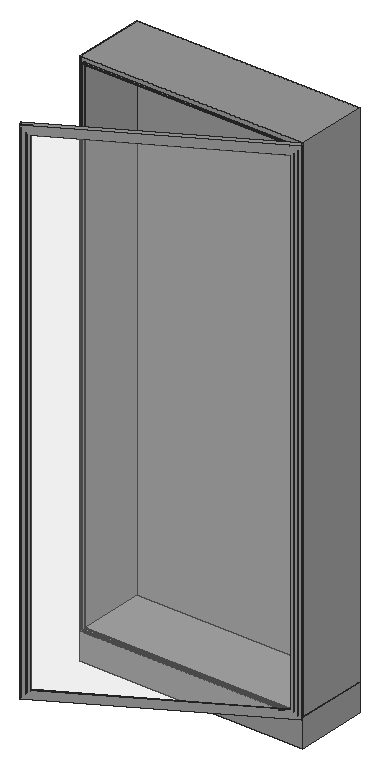
Revit family "Hager-Univers-IP55-D275-H1950-Cl.I-Steel_encl-NoHosted-PL-en", category Equipement électrique, Revit 2020
Family settings
  Configuration du panneau = Deux colonnes, circuits au sein
  Cote de connecteur circulaire = Utiliser le diamètre
  Type d'élément = Tableau de raccordement
  Basée sur le plan de construction = Oui
  Toujours verticalement = Oui
  Couper avec des vides une fois chargée = Non
  Partagée = Non
  Point de calcul de pièce = Non
Parameters (values of type "Floor installation IP55 W800 H1950 D275  - FR23K1")
  Width Control [instance] = if([EF000008 - Width] > Min Width, [EF000008 - Width], Min Width)  # 800 mm
  Commentaires du type = [HG000003 - Range]  # "Univers"
  Thickness Door [instance] = if([EF009171 - Material plate thickness door/cover] > 3 mm, 3 mm, [EF009171 - Material plate thickness door/cover])  # 1.5 mm
  Seal Frame Offset [instance] = 17 mm  # constant formula
  Plinth Visibility [instance] = [HG000027 - Plinth height] > 0 mm  # yes
  Min Width [instance] = 100 mm  # constant formula
  Min Depth [instance] = (2 * [EF009170 - Material plate thickness cabinet]) + 1 mm  # 4 mm
  Min Height [instance] = 100 mm  # constant formula
  Internal Frame Depth [instance] = (Door System Depth * 0.5)  # 9 mm
  Panel Name [instance] = ""  # (empty or 0)
  Model = ""
  HG000027 - Plinth height = 100 mm
  HG000026 - Floor standing = yes
  HG000024 - Bottom section height = 600 mm
  HG000023 - Double section enclosure = no
  HG000016 - Door 3d visibility [instance] = yes
  HG000015 - Clearance visibility [instance] = no
  HG000014 - Door on the right [instance] = yes
  HG000013 - Door on the left [instance] = not([HG000014 - Door on the right])  # no
  HG000012 - Door swing angle [instance] = 30.00°
  HG000010 - Asymmetric doors = no
  HG000009 - Double swing door = no
  HG000006 - Flush mounted = no
  HG000004 - Manufacturer reference = "FR23K1"
  HG000003 - Range = "Univers"
  HG000002 - With door or cover = yes
  Frame Offset Bottom [instance] = 10 mm  # constant formula
  Frame Offset [instance] = 15 mm  # constant formula
  EF015940 - Cover with overpressure release = no
  EF011959 - Degree of protection (NEMA) = ""
  EF009554 - Number of openings for flange plates = 6
  EF009212 - Cover model = "EV000116 - Closed"
  EF009171 - Material plate thickness door/cover = 1.5 mm
  EF009170 - Material plate thickness cabinet = 1.5 mm
  EF008873 - Nominal current (In) = 800 A
  EF007800 - Suitable for lightning protection = no
  EF006306 - With lock = no
  EF006244 - Transparent cover/door = yes
  EF005474 - Degree of protection (IP) = "EV006420 - IP55"
  EF004464 - Type of door = "EV002646 - Single"
  EF004427 - Number of modules = 432
  EF004293 - Impact strength = "EV008784 - IK10"
  EF003532 - Suitable for outdoor use = no
  EF002950 - Width in number of modular spacings = 24
  EF001613 - Circuit integrity = "EV000494 - None"
  EF001596 - Material housing = "EV000179 - Steel"
  EF001131 - Internal depth = 275 mm
  EF001088 - Extension possible = yes
  EF000437 - Number of conduit inlets = 6
  EF000339 - Type of cover = "EV004216 - Door"
  EF000266 - Number of rows = 12
  EF000218 - Built-in depth = 0 mm
  EF000118 - With mounting plate = no
  EF000116 - RAL-number = "7035"
  EF000049 - Depth = 275 mm
  EF000040 - Height = 1950 mm
  EF000008 - Width = 800 mm
  EF000007 - Colour = "EV000270 - Grey"
  EF000003 - Mounting method = "EV012274 - Floor installation"
  Door System Leaf Tolerance [instance] = 1.5 mm  # constant formula
  Door System Depth [instance] = 18 mm  # constant formula
  Door Height [instance] = Height Control - [HG000027 - Plinth height]  # 1850 mm
  Description = ""
  Default Elevation = 1219.2 mm
  Connector Offset [instance] = Height Control / 2  # 975 mm
  Fabricant = "Hager"  # constant formula
  Height Control [instance] = if([EF000040 - Height] > Min Height, [EF000040 - Height], Min Height)  # 1950 mm
  Depth Control [instance] = if([EF000049 - Depth] > Min Depth, [EF000049 - Depth], Min Depth)  # 275 mm
  Bottom Top Plate Trim [instance] = 1.5 mm  # constant formula
  Plinth height Ctrl [instance] = if([HG000027 - Plinth height] > 0 mm, [HG000027 - Plinth height], 12 mm)  # 100 mm
Types (11, lengths in mm): name | Width Control | HG000010 - Asymmetric doors | HG000009 - Double swing door | HG000004 - Manufacturer reference | EF009554 - Number of openings for flange plates | EF006244 - Transparent cover/door | EF004464 - Type of door | EF004427 - Number of modules | EF000437 - Number of conduit inlets | EF000008 - Width
  Floor installation IP55 W1050 H1950 D275  - FR24E1 | 1050 | yes | yes | "FR24E1" | 8 | no | "EV003602 - Double" | 576 | 8 | 1050
  Floor installation IP55 W1050 H1950 D275  - FR24K1 | 1050 | yes | yes | "FR24K1" | 8 | yes | "EV003602 - Double" | 576 | 8 | 1050
  Floor installation IP55 W1300 H1950 D275  - FR25E1 | 1300 | yes | yes | "FR25E1" | 10 | no | "EV003602 - Double" | 720 | 10 | 1300
  Floor installation IP55 W1300 H1950 D275  - FR25K1 | 1300 | yes | yes | "FR25K1" | 10 | yes | "EV003602 - Double" | 720 | 10 | 1300
  Floor installation IP55 W1550 H1950 D275  - FR26E1 | 1550 | yes | yes | "FR26E1" | 12 | no | "EV003602 - Double" | 864 | 12 | 1550
  Floor installation IP55 W1550 H1950 D275  - FR26K1 | 1550 | yes | yes | "FR26K1" | 12 | yes | "EV003602 - Double" | 864 | 12 | 1550
  Floor installation IP55 W300 H1950 D275  - FR21E1 | 300 | no | no | "FR21E1" | 2 | no | "EV002646 - Single" | 144 | 2 | 300
  Floor installation IP55 W550 H1950 D275  - FR22E1 | 550 | no | no | "FR22E1" | 4 | no | "EV002646 - Single" | 288 | 4 | 550
  Floor installation IP55 W550 H1950 D275  - FR22K1 | 550 | no | no | "FR22K1" | 4 | yes | "EV002646 - Single" | 288 | 4 | 550
  Floor installation IP55 W800 H1950 D275  - FR23E1 | 800 | no | no | "FR23E1" | 6 | no | "EV002646 - Single" | 432 | 6 | 800
  Floor installation IP55 W800 H1950 D275  - FR23K1 | 800 | no | no | "FR23K1" | 6 | yes | "EV002646 - Single" | 432 | 6 | 800
Reference planes
  plane 1 "Center (Front/Back)": y = 0
  plane 2: z = 0
  plane 3 "Center (Left/Right)": x = 0
  plane 4: y = 0
  plane 5: y = 0
  plane 6: z = 0
  plane 7: x = -400
  plane 8: x = 400
  plane 9: x = 398.5
  plane 10: x = -398.5
  plane 11: z = 100
  plane 12: z = 101.5
  plane 13: y = -275
  plane 14: y = -1.5
  plane 15: x = 0
  plane 16: y = -257
  plane 17: y = -273.5
  plane 18: y = -255.5
  plane 19: x = -383.5
  plane 20: x = 383.5
  plane 21: z = 111.5
  plane 22: x = -383
  plane 23: x = 383
  plane 24: z = 100
  plane 25: z = 1950
  plane 26: z = 1950
  plane 27: z = 1933.5
  plane 28: z = 1948.5
Forms (mm)
  Extrusion 1, solid, material "Hager_Steel_RAL7035_Light_Grey", detail levels medium+fine
    sketch origin (-208.679, -4572, 100) x (-1, 0, 0) y (0, -1, 0)
      loop
        line (191.321, -4315) -> (-608.679, -4315) -> (-608.679, -4572) -> (191.321, -4572) -> (191.321, -4315)
    from 0 to 1850
  Extrusion 2, void
    sketch origin (-350.771, -275, 1219.2) x (1, 0, 0) y (0, 0, 1)
      loop
        line (-47.729, 729.3) -> (-47.729, -1117.7) -> (749.271, -1117.7) -> (749.271, 729.3) -> (-47.729, 729.3)
    from -19.5 to -273.5
  Extrusion 3, void
    sketch origin (-290.084, -257, 1219.2) x (1, 0, 0) y (0, 0, 1)
      loop
        line (-93.416, -1107.7) -> (673.584, -1107.7) -> (673.584, 714.3) -> (-93.416, 714.3) -> (-93.416, -1107.7)
    from 0 to -1.5
  Extrusion 4, solid, material "Hager_Steel_RAL7035_Light_Grey", visible <- "Plinth Visibility", detail levels medium+fine
    sketch origin (0, 0, 0) x (1, 0, 0) y (0, 1, 0)
      loop
        line (-400, 0) -> (-400, -257) -> (400, -257) -> (400, 0) -> (-400, 0)
    from 0 to 100 <- "Plinth height Ctrl"
  Extrusion 5, solid, material "Hager_Steel_RAL7035_Light_Grey", detail levels coarse
    sketch origin (0, 0, 0) x (1, 0, 0) y (0, 1, 0)
      loop
        line (-400, 0) -> (-400, -275) -> (400, -275) -> (400, 0) -> (-400, 0)
    from 0 to 1950 <- "Height Control"
  Sweep 6, void
    path in 3D
      loop
        line (-400, -257, 100) -> (400, -257, 100) -> (400, 0, 100) -> (-400, 0, 100) -> (-400, -257, 100)
    profile origin (-400, -128.5, 100) x (1, 0, 0) y (0, 0, 1)
      loop
        line (0, 0) -> (0, -1.5) -> (1.5, -1.5)
        arc (1.5, -1.5) -> (1.061, -0.439) -> (0, 0) r 1.5
  Extrusion 7, solid, material "Hager_Steel_RAL7035_Light_Grey", detail levels fine
    sketch origin (-400, -257, 100) x (1, 0, 0) y (0, 0, 1)
      loop
        line (16.5, 11.5) -> (783.5, 11.5) -> (783.5, 1833.5) -> (16.5, 1833.5) -> (16.5, 11.5)
      loop
        line (15, 10) -> (785, 10) -> (785, 1835) -> (15, 1835) -> (15, 10)
    from 0 to 9 <- "Internal Frame Depth"
Cuts and joins
  Extrusion 2, Extrusion 3 cuts Extrusion 1
  Sweep 6 cuts Extrusion 4
Lines and regions (mm)
  Masking region 1
    outline origin (0, 0, 0) x (1, 0, 0) y (0, 1, 0)
      loop
        line (-400, 0) -> (-400, -275) -> (400, -275) -> (400, 0) -> (-400, 0)
  Masking region 2, detail levels coarse
    outline origin (-290.084, -257, 1219.2) x (-1, 0, 0) y (0, 0, 1)
      loop
        line (-690.084, -1219.2) -> (109.916, -1219.2) -> (109.916, 730.8) -> (-690.084, 730.8) -> (-690.084, -1219.2)
  Masking region 3, detail levels coarse
    outline origin (0, 0, 0) x (0, 1, 0) y (0, 0, 1)
      loop
        line (0, 0) -> (0, 1950) -> (-275, 1950) -> (-275, 0) -> (0, 0)
  Masking region 4, visible <- "Plinth Visibility", detail levels medium+fine
    outline origin (0, 0, 0) x (0, 1, 0) y (0, 0, 1)
      loop
        line (-1.5, 100) -> (-255.5, 100)
        arc (-255.5, 100) -> (-255.939, 98.939) -> (-257, 98.5) r 1.5
        line (-257, 98.5) -> (-257, 0) -> (0, 0) -> (0, 98.5)
        arc (0, 98.5) -> (-1.061, 98.939) -> (-1.5, 100) r 1.5
  Masking region 5, detail levels medium+fine
    outline origin (0, 0, 594.038) x (0, 1, 0) y (0, 0, 1)
      loop
        line (0, -494.038) -> (0, 1355.962) -> (-257, 1355.962) -> (-257, -494.038) -> (0, -494.038)
  Masking region 6, detail levels medium+fine
    outline origin (-359.7, -257, 1211.883) x (-1, 0, 0) y (0, 0, 1)
      loop
        line (-759.7, -1111.883) -> (40.3, -1111.883) -> (40.3, 738.117) -> (-759.7, 738.117) -> (-759.7, -1111.883)
  Masking region 7, visible <- "Plinth Visibility", detail levels medium+fine
    outline origin (-320.334, -257, 1041.368) x (-1, 0, 0) y (0, 0, 1)
      loop
        line (-720.334, -1041.368) -> (79.666, -1041.368) -> (79.666, -942.868)
        arc (79.666, -942.868) -> (78.606, -942.429) -> (78.166, -941.368) r 1.5
        line (78.166, -941.368) -> (-718.834, -941.368)
        arc (-718.834, -941.368) -> (-719.273, -942.429) -> (-720.334, -942.868) r 1.5
        line (-720.334, -942.868) -> (-720.334, -1041.368)
  sketch lines
    curve 1: line (-400, 0, 100) -> (-400, -257, 100)
    curve 2: line (-400, -257, 100) -> (400, -257, 100)
    curve 3: line (400, 0, 100) -> (-400, 0, 100)
    curve 4: line (400, -257, 100) -> (400, 0, 100)
Dimensions and locks
  locked: plane 1 "Center (Front/Back)" to plane 5
  "EF009170 - Material plate thickness cabinet": plane 7 to plane 10
  "EF009170 - Material plate thickness cabinet": plane 8 to plane 9
  equal spacing: plane 7, plane 3 "Center (Left/Right)", plane 8
  "Width Control": plane 7 to plane 8
  "Depth Control": plane 4 to plane 13
  "EF009170 - Material plate thickness cabinet": plane 4 to plane 14
  "Height Control": plane 25 to level
  "HG000027 - Plinth height": plane 11 to level
  "EF009170 - Material plate thickness cabinet": plane 12 to plane 11
  "EF009170 - Material plate thickness cabinet": plane 17 to plane 13
  "EF009170 - Material plate thickness cabinet": plane 18 to plane 16
  "Frame Offset Bottom": plane 21 to plane 12
  "Frame Offset": plane 10 to plane 19
  "Frame Offset": plane 9 to plane 20
  "Door System Depth": plane 16 to plane 13
  "Seal Frame Offset": plane 7 to plane 22
  "Seal Frame Offset": plane 8 to plane 23
  "EF009170 - Material plate thickness cabinet": plane 26 to plane 28
  "Frame Offset": plane 28 to plane 27
  "Connector Offset": plane 2 to connector elem
  "Bottom Top Plate Trim": profile plane to Sweep 6 sketch curve
  "Bottom Top Plate Trim": Sweep 6 sketch curve to Sweep 6 sketch curve
  "Plinth height Ctrl": Masking region 4 sketch curve to level
  "Plinth height Ctrl": Masking region 7 sketch curve to level
  "Thickness Door": Extrusion 7 sketch curve to Extrusion 7 sketch curve  (x4)
  "Bottom Top Plate Trim": radius of Sweep 6 sketch curve
  "Bottom Top Plate Trim": radius of Masking region 4 sketch curve  (x2)
  "Bottom Top Plate Trim": radius of Masking region 7 sketch curve  (x2)
  aligned and locked: Extrusion 2 sketch curve to plane 12
  aligned and locked: Extrusion 2 sketch curve to plane 9
  aligned and locked: Extrusion 2 sketch curve to plane 10
  aligned and locked: Extrusion 2 to plane 14
  aligned and locked: Extrusion 1 sketch curve to plane 4
  aligned and locked: plane 8 to Extrusion 1 sketch curve
  aligned and locked: plane 7 to Extrusion 1 sketch curve
  aligned and locked: Extrusion 2 to plane 18
  aligned and locked: Extrusion 3 sketch curve to plane 19
  aligned and locked: plane 20 to Extrusion 3 sketch curve
  aligned and locked: Extrusion 3 to Extrusion 2
  aligned and locked: Extrusion 3 sketch curve to plane 21
  aligned and locked: plane 3 "Center (Left/Right)" to nested 1
  aligned and locked: Extrusion 1 sketch curve to plane 16
  aligned and locked: Extrusion 4 sketch curve to cut or joined group of Extrusion 1, Extrusion 2, Extrusion 3
  aligned and locked: Masking region 1 sketch curve to plane 7
  aligned and locked: Masking region 1 sketch curve to plane 5
  aligned and locked: Masking region 1 sketch curve to plane 8
  aligned and locked: Masking region 2 sketch curve to level
  aligned and locked: level to Masking region 3 sketch curve
  aligned and locked: plane 1 "Center (Front/Back)" to Masking region 3 sketch curve
  aligned and locked: plane 13 to Masking region 3 sketch curve
  aligned and locked: plane 5 to Masking region 4 sketch curve
  aligned and locked: Masking region 2 sketch curve to plane 8
  aligned and locked: Masking region 2 sketch curve to plane 7
  aligned and locked: plane 7 to nested 2
  aligned and locked: nested 2 to plane 5
  aligned and locked: plane 5 to Masking region 5 sketch curve
  aligned and locked: plane 26 to Masking region 5 sketch curve
  aligned and locked: Extrusion 5 sketch curve to plane 8
  aligned and locked: Extrusion 5 sketch curve to plane 7
  aligned and locked: Extrusion 5 sketch curve to plane 5
  aligned and locked: Extrusion 3 sketch curve to plane 27
  aligned and locked: Extrusion 2 sketch curve to plane 28
  aligned and locked: Masking region 2 to plane 25
  aligned and locked: Extrusion 4 to plane 16
  aligned and locked: profile plane to Sweep 6 sketch curve
  aligned and locked: Masking region 5 sketch curve to plane 24
  aligned and locked: level to Masking region 4 sketch curve
  aligned and locked: Masking region 1 to plane 13
  aligned and locked: nested 1 to plane 16
  aligned and locked: Masking region 3 to plane 25
  aligned and locked: plane 16 to Masking region 4 sketch curve
  aligned and locked: Masking region 5 sketch curve to plane 16
  aligned and locked: plane 24 to plane 11
  aligned and locked: plane 26 to plane 25
  aligned and locked: plane 26 to cut or joined group of Extrusion 1, Extrusion 2, Extrusion 3
  aligned and locked: nested 1 to plane 24
  aligned and locked: Extrusion 1 to Extrusion 3
  aligned and locked: Masking region 6 sketch curve to plane 8
  aligned and locked: Masking region 6 sketch curve to plane 24
  aligned and locked: Masking region 6 sketch curve to plane 7
  aligned and locked: Masking region 6 sketch curve to plane 26
  aligned and locked: Masking region 7 sketch curve to plane 7
  aligned and locked: level to Masking region 7 sketch curve
  aligned and locked: Masking region 7 sketch curve to plane 8
  aligned and locked: Extrusion 7 sketch curve to cut or joined group of Extrusion 1, Extrusion 2, Extrusion 3  (x4)
Automatic sketch dimensions
  plane 19 to Extrusion 3 sketch curve = 0 mm
  Extrusion 3 sketch curve to plane 20 = 0 mm
  Extrusion 3 sketch curve to plane 21 = 0 mm
  Extrusion 4 sketch curve to plane 7 = 0 mm
  Extrusion 4 sketch curve to plane 8 = 0 mm
  Extrusion 4 sketch curve to plane 16 = 0 mm
  Masking region 1 sketch curve to plane 13 = 0 mm
  Masking region 2 sketch curve to plane 25 = 0 mm
  Masking region 3 sketch curve to plane 25 = 0 mm
  Extrusion 5 sketch curve to plane 13 = 0 mm
  profile plane to Sweep 6 sketch curve = 0 mm
Nested families
  nested 1: "EC000058_Univers_Door" at (0, -257, 100), Double <- "HG000009 - Double swing door", Transparent <- "EF006244 - Transparent cover/door", Angle <- "HG000012 - Door swing angle", Door_Right <- "HG000014 - Door on the right", Assymetrical <- "HG000010 - Asymmetric doors", Door <- "HG000002 - With door or cover", Width_Ctrl <- "Width Control", 3d_Door <- "HG000016 - Door 3d visibility", Clearance <- "HG000015 - Clearance visibility", Door_Left <- "HG000013 - Door on the left", Width <- "Width Control", Door_Depth <- "Door System Depth", Leaf_Tolerance <- "Door System Leaf Tolerance", Height <- "Door Height", Lock_Visibility <- "EF006306 - With lock", Thickness <- "Thickness Door", type "EC000058_Univers_Door", detail levels medium+fine
    with min_wh 4 mm, Width_Ctrl 800 mm, Width 800 mm, Transparent yes, Thickness 1.5 mm, Seal_Material Hager_Rubber, Lock_Visibility no, Lock_Material Hager_Plastic_RAL9005_Jet_Black, Leaf_Width 800 mm, Leaf_Tolerance_External_Sides 0 mm, Leaf_Tolerance 1.5 mm, Leaf_Offset 0 mm, Leaf_Height 1847 mm, Leaf_2_Width 800 mm, Leaf_2_Offset 400 mm, Leaf_1_Width 800 mm, Leaf_1_Offset 400 mm, Height_Ctrl 1850 mm, Height 1850 mm, Glass_Material Hager_Glass, Double_Clearance_Ctrl no, Double no, Door_Right_Ctrl yes, Door_Right yes, Door_Material Hager_Steel_RAL7035_Light_Grey, Door_Left_Ctrl no, Door_Left no, Door_Depth 18 mm, Door yes, Clearance_Material Hager_Clearance, Clearance_Depth 800 mm, Clearance_Ctrl no, Clearance no, Assymetrical no, Angle 30.00°, 3d_Door yes
  nested 2: "Hager_Enclosure_Symbol" at (-400, 0, 0), Height <- "Depth Control", Width <- "Width Control", type "Hager_Enclosure_Symbol"
    with Width_Ctrl 800 mm, Width 800 mm, Height_Ctrl 275 mm, Height 275 mm, A_Width_Int 18.047 mm, A_Width 216.562 mm, A_Height_Ctrl 240.625 mm, A_Height 240.625 mm
Connectors
  electrical at (0, 0, 975)
    settings: on plane 1 "Center (Front/Back)", index 1, voltage 0 V, apparent load 0 VA, apparent load phase1 0 VA, apparent load phase2 0 VA, apparent load phase3 0 VA, power factor 1, load classification "Other", number of poles 1, system type 30, power factor state 1, is connector primary yes, connector utility no, sub classification motor no, connector description ""
Definition of nested family "EC000058_Univers_Door"
  Parameters (values of type "EC000058_Univers_Door")
    min_wh [instance] = (2 * Thickness) + 1 mm  # 11 mm
    Width_Ctrl [instance] = 400 mm
    Width [instance] = 500 mm
    Transparent [instance] = yes
    Thickness [instance] = 5 mm
    Seal_Material [instance] = none
    Lock_Visibility [instance] = yes
    Lock_Material [instance] = none
    Leaf_Width [instance] = if((Width_Ctrl - 2 * Leaf_Tolerance_External_Sides) > 0 mm, (Width_Ctrl - 2 * Leaf_Tolerance_External_Sides), min_wh)  # 400 mm
    Leaf_Tolerance_External_Sides [instance] = 0 mm  # constant formula
    Leaf_Tolerance [instance] = 1.5 mm
    Leaf_Offset [instance] = 0 mm  # constant formula
    Leaf_Height [instance] = if((Height_Ctrl - 2 * Leaf_Tolerance) > 0 mm, (Height_Ctrl - 2 * Leaf_Tolerance), min_wh)  # 497 mm
    Leaf_2_Width [instance] = if(and(and(Double, Assymetrical), Door_Left), (Leaf_Width / 3) - (Leaf_Tolerance / 2), if(and(and(Double, Assymetrical), Door_Right), (Leaf_Width / 3) * 2 - (Leaf_Tolerance / 2), if(and(Double, not(Assymetrical)), (Leaf_Width / 2) - Leaf_Tolerance, Leaf_Width)))  # 400 mm
    Leaf_2_Offset [instance] = if(and(Double, Assymetrical), Leaf_2_Width / 2, if(and(Double, not(Assymetrical)), Leaf_Width / 4, Leaf_Width / 2))  # 200 mm
    Leaf_1_Width [instance] = if(and(and(Double, Assymetrical), Door_Right), (Leaf_Width / 3) - (Leaf_Tolerance / 2), if(and(and(Double, Assymetrical), Door_Left), (Width / 3) * 2 - (Leaf_Tolerance / 2), if(and(Double, not(Assymetrical)), (Leaf_Width / 2) - Leaf_Tolerance, Leaf_Width)))  # 400 mm
    Leaf_1_Offset [instance] = if(and(Double, Assymetrical), Leaf_1_Width / 2, if(and(Double, not(Assymetrical)), Leaf_Width / 4, Leaf_Width / 2))  # 200 mm
    Height_Ctrl [instance] = if(Height > min_wh, Height, min_wh)  # 500 mm
    Height [instance] = 500 mm
    Glass_Material [instance] = none
    Double_Clearance_Ctrl [instance] = and(Double, Clearance)  # no
    Double [instance] = no
    Door_Right_Ctrl [instance] = and(or(Door_Right, Double), Door)  # yes
    Door_Right [instance] = yes
    Door_Material [instance] = none
    Door_Left_Ctrl [instance] = and(or(Door_Left, Double), Door)  # no
    Door_Left [instance] = no
    Door_Depth [instance] = 30 mm
    Door [instance] = yes
    Default Elevation = 1219.2 mm
    Clearance_Material [instance] = none
    Clearance_Depth [instance] = if(Leaf_1_Width > Leaf_2_Width, Leaf_1_Width, Leaf_2_Width)  # 400 mm
    Clearance_Ctrl [instance] = and(not(Double), Clearance)  # yes
    Clearance [instance] = yes
    Assymetrical [instance] = yes
    Angle [instance] = 30.00°
    3d_Door [instance] = yes
  Reference planes
    plane 1 "Center (Front/Back)": y = 0
    plane 2 "Bottom": z = 0
    plane 3 "Center (Left/Right)": x = 0
    plane 4: z = 500
    plane 5: x = -200
    plane 6: x = 200
    plane 7: z = 500
    plane 8: x = -200
    plane 9: z = 0
    plane 10: x = 200
    plane 11: y = 0
    plane 12: z = 1.5
    plane 13: x = -600
    plane 14: y = -400
    plane 15: x = 600
    plane 16: x = 0
    plane 17: x = 0
    plane 18: x = -200
    plane 19: x = 200
    plane 20: z = 498.5
  Forms (mm)
    Extrusion 1, solid, material <- "Clearance_Material", visible <- "Double_Clearance_Ctrl"
      sketch origin (1200, 0, 0) x (1, 0, 0) y (0, 0, -1)
        loop
          line (-1800, -498.5) -> (-600, -498.5) -> (-600, 0) -> (-1800, 0) -> (-1800, -498.5)
      from 0 to -400
  Dimensions and locks
    equal spacing: plane 5, plane 3 "Center (Left/Right)", plane 6
    "Width_Ctrl": plane 5 to plane 6
    "Leaf_Offset": plane 5 to plane 8
    "Leaf_Offset": plane 6 to plane 10
    "Leaf_Offset": plane 9 to level
    "Leaf_Offset": plane 4 to plane 7
    "Height_Ctrl": plane 4 to level
    "Leaf_Tolerance": plane 12 to plane 9
    locked: plane 11 to plane 1 "Center (Front/Back)"
    "Leaf_1_Offset": plane 18 to plane 16
    "Leaf_2_Offset": plane 17 to plane 19
    "Leaf_1_Width": plane 13 to plane 8
    "Leaf_2_Width": plane 10 to plane 15
    "Clearance_Depth": plane 14 to plane 1 "Center (Front/Back)"
    "Leaf_Tolerance_External_Sides": plane 8 to plane 18
    "Leaf_Tolerance_External_Sides": plane 19 to plane 10
    "Leaf_Tolerance": plane 7 to plane 20
    aligned and locked: level to plane 2 "Bottom"
    aligned and locked: nested 1 to plane 16
    aligned and locked: nested 2 to plane 17
    aligned and locked: Extrusion 1 to plane 13
    aligned and locked: plane 15 to Extrusion 1
    aligned and locked: Extrusion 1 to plane 14
    aligned and locked: plane 12 to nested 1
    aligned and locked: nested 2 to plane 12
    aligned and locked: Extrusion 1 to plane 11
    aligned and locked: plane 20 to Extrusion 1
    aligned and locked: nested 2 to plane 11
    aligned and locked: nested 1 to plane 11
  Automatic sketch dimensions
    Extrusion 1 sketch curve to level = 0 mm
    plane 5 to Extrusion 1 sketch curve = 400 mm
    plane 6 to Extrusion 1 sketch curve = 400 mm
    Extrusion 1 sketch curve to plane 4 = 1.5 mm
  Nested families
    nested 1: "EC000058_Univers_Door_Leaf" at (0, 0, 1.5), Width <- "Leaf_1_Width", visible <- "Door_Left_Ctrl", Leaf_Height <- "Leaf_Height", Angle <- "Angle", 3d_Door <- "3d_Door", Transparent <- "Transparent", Clearance Material <- "Clearance_Material", Clearance <- "Clearance_Ctrl", Door_Material <- "Door_Material", Glass_Material <- "Glass_Material", Door_Depth <- "Door_Depth", Lock_Material <- "Lock_Material", Seal_Material <- "Seal_Material", Lock_Visibility <- "Lock_Visibility", Thickness <- "Thickness", type "EC000058_Univers_Door_Leaf"
      with Width 400 mm, Transparent_Glass_Offset 30 mm, Transparent_Ctrl yes, Transparent yes, Thickness 5 mm, Standard no, Seal_Material none, Seal_D2 8 mm, Seal_D1 1 mm, Offset_Internal_Frame 10 mm, Lock_Width 20 mm, Lock_Visibility_3d yes, Lock_Visibility yes, Lock_Thickness_3 3 mm, Lock_Thickness_2 1 mm, Lock_Thickness_1 3 mm, Lock_Radius_Offset_2 16 mm, Lock_Radius_Offset_1 15 mm, Lock_Radius_2 5 mm, Lock_Radius 6 mm, Lock_Offset 5 mm, Lock_Material none, Lock_Height 80 mm, Lock_Cover_Top_Offset_2d 17 mm, Lock_Cover_Height -65 mm, Leaf_Height 497 mm, Internal_Seal_Thickness 8 mm, Internal_Seal_Depth_2 4.5 mm, Internal_Frame_Depth 25 mm, Glass_Thickness -1 mm, Glass_Offset -2 mm, Glass_Material none, Door_Material none, Door_Depth 30 mm, Clearance Material none, Clearance yes, Angle_Ctrl 30.00°, Angle 30.00°, 3d_Door yes
    nested 2: "EC000058_Univers_Door_Leaf" at (0, 0, 1.5) x (-1, 0, 0) z (0, 0, 1), Width <- "Leaf_2_Width", visible <- "Door_Right_Ctrl", Leaf_Height <- "Leaf_Height", Angle <- "Angle", 3d_Door <- "3d_Door", Transparent <- "Transparent", Clearance Material <- "Clearance_Material", Clearance <- "Clearance_Ctrl", Door_Material <- "Door_Material", Glass_Material <- "Glass_Material", Door_Depth <- "Door_Depth", Lock_Material <- "Lock_Material", Seal_Material <- "Seal_Material", Lock_Visibility <- "Lock_Visibility", Thickness <- "Thickness", type "EC000058_Univers_Door_Leaf"
      with Width 400 mm, Transparent_Glass_Offset 30 mm, Transparent_Ctrl yes, Transparent yes, Thickness 5 mm, Standard no, Seal_Material none, Seal_D2 8 mm, Seal_D1 1 mm, Offset_Internal_Frame 10 mm, Lock_Width 20 mm, Lock_Visibility_3d yes, Lock_Visibility yes, Lock_Thickness_3 3 mm, Lock_Thickness_2 1 mm, Lock_Thickness_1 3 mm, Lock_Radius_Offset_2 16 mm, Lock_Radius_Offset_1 15 mm, Lock_Radius_2 5 mm, Lock_Radius 6 mm, Lock_Offset 5 mm, Lock_Material none, Lock_Height 80 mm, Lock_Cover_Top_Offset_2d 17 mm, Lock_Cover_Height -65 mm, Leaf_Height 497 mm, Internal_Seal_Thickness 8 mm, Internal_Seal_Depth_2 4.5 mm, Internal_Frame_Depth 25 mm, Glass_Thickness -1 mm, Glass_Offset -2 mm, Glass_Material none, Door_Material none, Door_Depth 30 mm, Clearance Material none, Clearance yes, Angle_Ctrl 30.00°, Angle 30.00°, 3d_Door yes
  Definition of nested family "EC000058_Univers_Door_Leaf"
    Parameters (values of type "EC000058_Univers_Door_Leaf")
      Width [instance] = 2000 mm
      Transparent_Glass_Offset [instance] = 30 mm
      Transparent_Ctrl [instance] = and(Transparent, [3d_Door])  # yes
      Transparent [instance] = yes
      Thickness [instance] = 5 mm
      Standard [instance] = and(not(Transparent), [3d_Door])  # no
      Seal_Material [instance] = none
      Seal_D2 [instance] = 8 mm  # constant formula
      Seal_D1 [instance] = 1 mm  # constant formula
      Offset_Internal_Frame [instance] = 10 mm  # constant formula
      Lock_Width [instance] = 20 mm  # constant formula
      Lock_Visibility_3d [instance] = and(Lock_Visibility, [3d_Door])  # yes
      Lock_Visibility [instance] = yes
      Lock_Thickness_3 [instance] = 3 mm  # constant formula
      Lock_Thickness_2 [instance] = 1 mm  # constant formula
      Lock_Thickness_1 [instance] = 3 mm  # constant formula
      Lock_Radius_Offset_2 [instance] = Lock_Radius_Offset_1 + 1 mm  # 16 mm
      Lock_Radius_Offset_1 [instance] = 15 mm  # constant formula
      Lock_Radius_2 [instance] = Lock_Radius - 1 mm  # 5 mm
      Lock_Radius [instance] = 6 mm  # constant formula
      Lock_Offset [instance] = 5 mm  # constant formula
      Lock_Material [instance] = none
      Lock_Height [instance] = 80 mm  # constant formula
      Lock_Cover_Top_Offset_2d [instance] = Lock_Radius_Offset_2 + 1 mm  # 17 mm
      Lock_Cover_Height [instance] = -(Lock_Height - Lock_Radius_Offset_1)  # -65 mm
      Leaf_Height [instance] = 2720.336 mm
      Internal_Seal_Thickness [instance] = 8 mm  # constant formula
      Internal_Seal_Depth_2 [instance] = 4.5 mm  # constant formula
      Internal_Frame_Depth [instance] = if(Door_Depth - Thickness > 5 mm, Door_Depth - Thickness, 5 mm)  # 25 mm
      Glass_Thickness [instance] = if(Thickness > 15 mm, Glass_Offset + 10 mm, -1 mm)  # -1 mm
      Glass_Offset [instance] = if(Thickness > 15 mm, -(Thickness + 10 mm) / 2, -2 mm)  # -2 mm
      Glass_Material [instance] = none
      Door_Material [instance] = none
      Door_Depth [instance] = 30 mm
      Default Elevation = 0 mm
      Clearance Material [instance] = none
      Clearance [instance] = yes
      Angle_Ctrl [instance] = if(Angle > 180.00°, 180.00°, Angle)  # 90.00°
      Angle [instance] = 90.00°
      3d_Door [instance] = yes
    Reference planes
      plane 1 "Center (Front/Back)": y = 0
      plane 2: z = 0
      plane 3 "Center (Left/Right)": x = 0
      plane 4: y = 2000
      plane 5: x = -1000
      plane 6: x = 1000
      plane 7: x = -3000
      plane 8: z = 2720.336
      plane 9: z = 30
      plane 10: z = 2690.336
      plane 11: x = 970
      plane 12: x = -970
      plane 13: y = -3
      plane 14: z = 107.833
      plane 15: y = -5
      plane 16: y = -223.314
      plane 17: x = -1000
      plane 18: z = 1360.168
      plane 19: y = 30
    Forms (mm)
      Extrusion 1, solid, material <- "Clearance Material", visible <- "Clearance"
        sketch origin (0, 0, 0) x (1, 0, 0) y (0, 0, 1)
          loop
            line (-3000, 2720.336) -> (-3000, 0) -> (1000, 0) -> (1000, 2720.336) -> (-3000, 2720.336)
        from 0 to -2000
      Extrusion 2, solid, material <- "Door_Material", visible <- "Standard", detail levels medium+fine
        sketch origin (-1000, 0, 0) x (0, 1, 0) y (-1, 0, 0)
          loop
            line (0, 30) -> (0, 25) -> (2000, 25) -> (2000, 30) -> (0, 30)
        from 0 to 2720.336 <- "Leaf_Height"
      Extrusion 3, solid, material <- "Door_Material", visible <- "Transparent_Ctrl", detail levels medium+fine
        sketch origin (-1000, 0, 0) x (0, 1, 0) y (-1, 0, 0)
          loop
            line (0, 25) -> (2000, 25) -> (2000, 30) -> (0, 30) -> (0, 25)
        from 0 to 2720.336 <- "Leaf_Height"
      Extrusion 4, void
        sketch origin (-1025, 2000, 0) x (0, 1, 0) y (0, 0, -1)
          loop
            line (-30, -2690.336) -> (-30, -30) -> (-1970, -30) -> (-1970, -2690.336) -> (-30, -2690.336)
        from 0 to 5 <- "Thickness"
      Sweep 5, solid, material <- "Seal_Material", visible <- "Transparent_Ctrl", detail levels fine
        path in 3D
          loop
            line (-1025, 30, 30) -> (-1025, 30, 2690.336) -> (-1025, 1970, 2690.336) -> (-1025, 1970, 30) -> (-1025, 30, 30)
        profile origin (-1025, 1000, 30) x (1, 0, 0) y (0, 0, 1)
          loop
            line (0, 0) -> (0, -8) -> (1, -8) -> (1, 0) -> (0, 0)
      Extrusion 6, solid, material <- "Glass_Material", visible <- "Transparent_Ctrl", detail levels medium+fine
        sketch origin (-1030, 0, 0) x (0, 1, 0) y (0, 0, -1)
          loop
            line (1970, -2690.336) -> (1970, -30) -> (30, -30) -> (30, -2690.336) -> (1970, -2690.336)
        from -2 <- "Glass_Offset" to -1 <- "Glass_Thickness"
      Extrusion 7, solid, material <- "Door_Material", visible <- "3d_Door", detail levels medium+fine
        sketch origin (-1025, 2000, 0) x (0, -1, 0) y (0, 0, -1)
          loop
            line (0, -2720.336) -> (2000, -2720.336) -> (2000, 0) -> (0, 0) -> (0, -2720.336)
          loop
            line (1995, -5) -> (5, -5) -> (5, -2715.336) -> (1995, -2715.336) -> (1995, -5)
        from 0 to 25 <- "Internal_Frame_Depth"
      Sweep 8, solid, material <- "Seal_Material", visible <- "Transparent_Ctrl", detail levels fine
        path in 3D
          loop
            line (-1025, 0, 0) -> (-1025, 2000, 0) -> (-1025, 2000, 2720.336) -> (-1025, 0, 2720.336) -> (-1025, 0, 0)
        profile origin (-1025, 0, 1360.168) x (1, 0, 0) y (0, 1, 0)
          loop
            line (0, 10) -> (2.975, 10)
            arc (2.975, 10) -> (4.053, 10.447) -> (4.5, 11.525) r 1.525
            line (4.5, 11.525) -> (4.5, 16.527)
            arc (4.5, 16.527) -> (4.069, 17.569) -> (3.027, 18) r 1.473
            line (3.027, 18) -> (0, 18) -> (0, 10)
      Extrusion 9, solid, material <- "Lock_Material", visible <- "Lock_Visibility_3d", detail levels fine
        sketch origin (-1030, 0, 0) x (0, 1, 0) y (0, 0, -1)
          loop
            arc (1993.5, -1400.168) -> (1994.561, -1399.729) -> (1995, -1398.668) r 1.5
            line (1995, -1398.668) -> (1995, -1320.168) -> (1975, -1320.168) -> (1975, -1398.668)
            arc (1975, -1398.668) -> (1975.439, -1399.729) -> (1976.5, -1400.168) r 1.5
            line (1976.5, -1400.168) -> (1993.5, -1400.168)
        from 3 <- "Lock_Thickness_1" to 0
      Blend 10, solid, material <- "Lock_Material", visible <- "Lock_Visibility_3d", detail levels fine
        base sketch origin (-1033, 0, 0) x (0, 1, 0) y (0, 0, -1)
          loop
            line (1975, -1320.168) -> (1975, -1398.668)
            arc (1975, -1398.668) -> (1975.439, -1399.729) -> (1976.5, -1400.168) r 1.5
            line (1976.5, -1400.168) -> (1993.5, -1400.168)
            arc (1993.5, -1400.168) -> (1994.561, -1399.729) -> (1995, -1398.668) r 1.5
            line (1995, -1398.668) -> (1995, -1320.168) -> (1975, -1320.168)
        top sketch origin (-1033, 0, 0) x (0, 1, 0) y (0, 0, -1)
          loop
            line (1976, -1320.168) -> (1976, -1398.668)
            arc (1976, -1398.668) -> (1976.146, -1399.022) -> (1976.5, -1399.168) r 0.5
            line (1976.5, -1399.168) -> (1993.5, -1399.168)
            arc (1993.5, -1399.168) -> (1993.854, -1399.022) -> (1994, -1398.668) r 0.5
            line (1994, -1398.668) -> (1994, -1320.168) -> (1976, -1320.168)
        from 0 to 1 <- "Lock_Thickness_2"
      Blend 11, solid, material <- "Lock_Material", visible <- "Lock_Visibility_3d", detail levels fine
        base sketch origin (-1034, 0, 0) x (0, 1, 0) y (0, 0, -1)
          loop
            line (1978, -1320.168) -> (1978, -1384.168)
            arc (1978, -1384.168) -> (1985, -1391.168) -> (1992, -1384.168) r 7
            line (1992, -1384.168) -> (1992, -1320.168) -> (1978, -1320.168)
        top sketch origin (-1034, 0, 0) x (0, 1, 0) y (0, 0, -1)
          loop
            line (1991, -1320.168) -> (1979, -1320.168) -> (1979, -1383.168)
            arc (1979, -1383.168) -> (1985, -1389.168) -> (1991, -1383.168) r 6
            line (1991, -1383.168) -> (1991, -1320.168)
        from 0 to 3 <- "Lock_Thickness_3"
      Extrusion 12, solid, material <- "Lock_Material", visible <- "Lock_Visibility_3d", detail levels fine
        sketch origin (-1030, 1975, 1320.168) x (1, 0, 0) y (0, -1, 0)
          loop
            line (-7, -19) -> (-7, -1) -> (0, -1) -> (0, 0) -> (-8, 0) -> (-8, -20) -> (0, -20) -> (0, -19) -> (-7, -19)
        from 0 to -65 <- "Lock_Cover_Height"
      Extrusion 13, void
        sketch origin (-1038, 1995, 1320.168) x (-1, 0, 0) y (0, 0, -1)
          loop
            line (-5, -65) -> (0, -65) -> (-5, -60) -> (-5, -65)
        from 0 to 20 <- "Lock_Width"
      Extrusion 14, void
        sketch origin (-1038, 1975, 1320.168) x (0, -1, 0) y (0, 0, -1)
          loop
            circle (-10, -15.995) r 6
          loop
            circle (-10, -15.995) r 5
        from 0 to 2
      Extrusion 15, solid, material <- "Lock_Material", visible <- "Lock_Visibility_3d", detail levels medium
        sketch origin (-1030, 0, 0) x (0, 1, 0) y (0, 0, -1)
          loop
            arc (1993.5, -1400.168) -> (1994.561, -1399.729) -> (1995, -1398.668) r 1.5
            line (1995, -1398.668) -> (1995, -1320.168) -> (1975, -1320.168) -> (1975, -1398.668)
            arc (1975, -1398.668) -> (1975.439, -1399.729) -> (1976.5, -1400.168) r 1.5
            line (1976.5, -1400.168) -> (1993.5, -1400.168)
        from 8 to 0
    Cuts and joins
      Extrusion 4 cuts Extrusion 3
      Extrusion 13, Extrusion 14 cuts Extrusion 9
      Extrusion 14 cuts Blend 11
      Extrusion 13, Extrusion 14 cuts Extrusion 12
      joined: Extrusion 9, Blend 10, Blend 11, Extrusion 12
      Extrusion 14 cuts Extrusion 15
    Lines and regions (mm)
      Masking region 1, visible <- "Lock_Visibility", detail levels fine
        outline origin (0, 0, 0) x (0, 1, 0) y (0, 0, 1)
          loop
            line (30, 1320.168) -> (33, 1320.168) -> (33, 1400.168) -> (30, 1400.168) -> (30, 1320.168)
      Masking region 2, visible <- "Lock_Visibility", detail levels fine
        outline origin (0, 3.143, 0) x (0, 1, 0) y (0, 0, 1)
          loop
            line (29.857, 1354.168) -> (30.857, 1354.168) -> (30.857, 1366.168) -> (29.857, 1366.168) -> (29.857, 1354.168)
      Masking region 3, detail levels medium+fine
        outline origin (0, 0, 0) x (0, 1, 0) y (0, 0, 1)
          loop
            line (0, 0) -> (30, 0) -> (30, 2720.336) -> (0, 2720.336) -> (0, 0)
      Masking region 4, detail levels medium+fine
        outline origin (0, 0, 0) x (1, 0, 0) y (0, 0, 1)
          loop
            line (-1000, 2720.336) -> (-1000, 0) -> (1000, 0) -> (1000, 2720.336) -> (-1000, 2720.336)
      Masking region 5, visible <- "Lock_Visibility", detail levels fine
        outline origin (-47.116, 0, 0) x (1, 0, 0) y (0, 0, 1)
          loop
            arc (1024.616, 1399.168) -> (1023.556, 1398.729) -> (1023.116, 1397.668) r 1.5
            line (1023.116, 1397.668) -> (1023.116, 1320.168) -> (1041.116, 1320.168) -> (1041.116, 1397.668)
            arc (1041.116, 1397.668) -> (1040.677, 1398.729) -> (1039.616, 1399.168) r 1.5
            line (1039.616, 1399.168) -> (1024.616, 1399.168)
      Masking region 6, visible <- "Lock_Visibility", detail levels medium+fine
        outline origin (-25, 0, 0) x (1, 0, 0) y (0, 0, 1)
          loop
            arc (1001.5, 1400.168) -> (1000.439, 1399.729) -> (1000, 1398.668) r 1.5
            line (1000, 1398.668) -> (1000, 1320.168) -> (1020, 1320.168) -> (1020, 1398.668)
            arc (1020, 1398.668) -> (1019.561, 1399.729) -> (1018.5, 1400.168) r 1.5
            line (1018.5, 1400.168) -> (1001.5, 1400.168)
      Masking region 7, visible <- "Lock_Visibility", detail levels fine
        outline origin (-73.735, 0, 0) x (1, 0, 0) y (0, 0, 1)
          loop
            line (1051.735, 1382.168) -> (1065.735, 1382.168) -> (1065.735, 1384.168)
            arc (1065.735, 1384.168) -> (1058.735, 1391.168) -> (1051.735, 1384.168) r 7
            line (1051.735, 1384.168) -> (1051.735, 1382.168)
      Masking region 8, visible <- "Lock_Visibility", detail levels fine
        outline origin (-73.735, 0, 0) x (1, 0, 0) y (0, 0, 1)
          loop
            line (1052.735, 1382.168) -> (1064.735, 1382.168) -> (1064.735, 1383.168)
            arc (1064.735, 1383.168) -> (1058.735, 1389.168) -> (1052.735, 1383.168) r 6
            line (1052.735, 1383.168) -> (1052.735, 1382.168)
      Masking region 9, visible <- "Lock_Visibility", detail levels fine
        outline origin (-25, 0, 0) x (1, 0, 0) y (0, 0, 1)
          loop
            line (1020, 1320.168) -> (1020, 1382.168) -> (1000, 1382.168) -> (1000, 1320.168) -> (1020, 1320.168)
      Masking region 10, detail levels medium+fine
        outline origin (0, 0, 0) x (1, 0, 0) y (0, 0, 1)
          loop
            circle (985, 1335.144) r 6
      Masking region 11, detail levels fine
        outline origin (0, 0, 0) x (1, 0, 0) y (0, 0, 1)
          loop
            circle (985, 1335.144) r 5
      Masking region 12, visible <- "Lock_Visibility", detail levels fine
        outline origin (0, 12.767, 0) x (0, 1, 0) y (0, 0, 1)
          loop
            line (20.233, 1320.168) -> (21.233, 1320.168) -> (21.233, 1399.168) -> (20.233, 1400.168) -> (20.233, 1320.168)
      Masking region 13, visible <- "Lock_Visibility", detail levels fine
        outline origin (0, 13.767, -10) x (0, 1, 0) y (0, 0, 1)
          loop
            line (20.233, 1330.168) -> (23.233, 1330.168) -> (23.233, 1399.168) -> (20.233, 1402.168) -> (20.233, 1330.168)
      Masking region 14, visible <- "Lock_Visibility", detail levels fine
        outline origin (0, 12.767, -10) x (0, 1, 0) y (0, 0, 1)
          loop
            line (20.233, 1330.168) -> (25.233, 1330.168) -> (25.233, 1399.305) -> (20.233, 1394.305) -> (20.233, 1330.168)
      Masking region 15, visible <- "Lock_Visibility", detail levels medium
        outline origin (0, 0, 0) x (0, 1, 0) y (0, 0, 1)
          loop
            line (30, 1320.168) -> (38, 1320.168) -> (38, 1400.168) -> (30, 1400.168) -> (30, 1320.168)
      Masking region 16, visible <- "Lock_Visibility", detail levels fine
        outline origin (-1000, 0, 0) x (0, 1, 0) y (-1, 0, 0)
          loop
            line (1975, 30) -> (1995, 30) -> (1995, 38) -> (1975, 38) -> (1975, 30)
          loop
            line (1979, 37) -> (1976, 37) -> (1976, 34) -> (1978, 34) -> (1979, 37)
          loop
            line (1994, 37) -> (1991, 37) -> (1992, 34) -> (1994, 34) -> (1994, 37)
      Masking region 17, visible <- "Lock_Visibility", detail levels medium
        outline origin (-1000, 0, 0) x (0, 1, 0) y (-1, 0, 0)
          loop
            line (1975, 30) -> (1995, 30) -> (1995, 38) -> (1975, 38) -> (1975, 30)
      symbolic lines
        curve 1: line (1000, 0, 0) -> (-3000, 0, 0)
        curve 2: arc (1000, 0, 0) -> (-1000, 2000, 0) -> (-3000, 0, 0) r 2000
        curve 4: line (-1030, 0, 0) -> (-1030, 2000, 0)
      reference lines
        curve 3: line (-1000, 0, 0) -> (-1000, 2000, 0)
      symbolic lines, detail levels medium+fine
        curve 5: line (-1030, 2000, 0) -> (-1025, 2000, 0)
        curve 7: line (-1025, 0, 0) -> (-1030, 0, 0)
        curve 8: line (-1025, 0, 0) -> (-1000, 0, 0)
        curve 9: line (-1000, 0, 0) -> (-1000, 2000, 0)
        curve 10: line (-1000, 2000, 0) -> (-1025, 2000, 0)
      symbolic lines, detail levels fine
        curve 6: line (-1025, 2000, 0) -> (-1025, 0, 0)
      sketch lines
        curve 11: line (-1025, 0, 2720.336) -> (-1025, 0, 0)
        curve 12: line (-1025, 2000, 0) -> (-1025, 0, 0)
        curve 13: line (-1025, 2000, 2720.336) -> (-1025, 2000, 0)
        curve 14: line (-1025, 0, 2720.336) -> (-1025, 2000, 2720.336)
        curve 15: line (-1025, 1970, 30) -> (-1025, 30, 30)
        curve 16: line (-1025, 30, 30) -> (-1025, 30, 2690.336)
        curve 17: line (-1025, 1970, 2690.336) -> (-1025, 1970, 30)
        curve 18: line (-1025, 30, 2690.336) -> (-1025, 1970, 2690.336)
      symbolic lines, visible <- "Transparent", detail levels medium+fine
        curve 19: line (-970, 0, 2690.336) -> (970, 0, 2690.336)
        curve 20: line (-970, 0, 30) -> (-970, 0, 2690.336)
        curve 21: line (970, 0, 30) -> (-970, 0, 30)
        curve 22: line (970, 0, 2690.336) -> (970, 0, 30)
    Dimensions and locks
      "Width": plane 1 "Center (Front/Back)" to plane 4
      equal spacing: plane 5, plane 3 "Center (Left/Right)", plane 6
      "Width": plane 5 to plane 6
      "Width": plane 7 to plane 5
      "Leaf_Height": plane 8 to level
      "Width": curve 5 to curve 3
      "Width": curve 3 to curve 3
      plane 8 to plane 10 = 30 mm
      plane 9 to level = 30 mm
      plane 12 to plane 5 = 30 mm
      plane 6 to plane 11 = 30 mm
      Extrusion 1 to Extrusion 4 sketch curve = 30 mm
      "Transparent_Glass_Offset": curve 3 to Extrusion 4 sketch curve
      "Transparent_Glass_Offset": Extrusion 4 sketch curve to cut or joined group of Extrusion 3, Extrusion 4  (x2)
      cut or joined group of Extrusion 3, Extrusion 4 to Extrusion 6 sketch curve = 30 mm
      "Transparent_Glass_Offset": cut or joined group of Extrusion 3, Extrusion 4 to Extrusion 4 sketch curve
      "Thickness": curve 6 to curve 4
      "Thickness": Extrusion 7 sketch curve to Extrusion 7 sketch curve  (x4)
      "Door_Depth": curve 4 to curve 3
      "Offset_Internal_Frame": profile plane to Sweep 8 sketch curve
      "Internal_Seal_Thickness": Sweep 8 sketch curve to Sweep 8 sketch curve
      "Internal_Seal_Depth_2": profile plane to Sweep 8 sketch curve
      "Seal_D1": profile plane to Sweep 5 sketch curve
      "Seal_D2": profile plane to Sweep 5 sketch curve
      "Thickness": Extrusion 2 sketch curve to Extrusion 2 sketch curve
      equal spacing: Extrusion 9 sketch curve, plane 18, Extrusion 9 sketch curve  (x2)
      equal spacing: Masking region 1 sketch curve, plane 18, Masking region 1 sketch curve
      "Lock_Height": Masking region 1 sketch curve to Masking region 1 sketch curve
      "Lock_Radius": Masking region 2 sketch curve to plane 18 to Masking region 2 sketch curve
      Masking region 2 sketch curve to Masking region 1 = 1 mm
      "Door_Depth": plane 19 to plane 1 "Center (Front/Back)"
      "Lock_Thickness_1": Masking region 1 sketch curve to plane 19
      "Lock_Width": Extrusion 9 sketch curve to Extrusion 9 sketch curve
      "Lock_Height": Extrusion 9 sketch curve to Extrusion 9 sketch curve
      "Lock_Offset": cut or joined group of Extrusion 3, Extrusion 4 to Extrusion 9 sketch curve
      equal spacing: plane 8, plane 18, level
      "Lock_Radius_Offset_1": Blend 11 sketch curve to Blend 10
      locked: Blend 10 to Blend 11 sketch curve at 2  (x2)
      locked: var sketch to Blend 11 sketch curve at 1  (x2)
      "Lock_Radius_Offset_2": Blend 11 sketch curve to Blend 10
      locked: Extrusion 12 sketch curve to Extrusion 12 sketch curve at 1  (x3)
      Masking region 6 sketch curve to Masking region 6 sketch curve = 80 mm
      "Lock_Height": Masking region 6 sketch curve to Masking region 6 sketch curve
      "Lock_Width": Masking region 6 sketch curve to Masking region 6 sketch curve
      locked: Masking region 6 to Masking region 5 sketch curve at 1  (x3)
      locked: Masking region 5 to Masking region 7 sketch curve at 2  (x2)
      "Lock_Radius_Offset_1": Masking region 5 to Masking region 7 sketch curve
      "Lock_Radius_Offset_2": Masking region 5 to Masking region 8 sketch curve
      locked: Masking region 7 to Masking region 8 sketch curve at 1  (x2)
      "Lock_Cover_Top_Offset_2d": Masking region 5 to Masking region 9 sketch curve
      equal spacing: Masking region 9, Masking region 10 sketch curve, Masking region 9
      equal spacing: Masking region 9, Masking region 11 sketch curve, Masking region 9
      Extrusion 15 sketch curve to Extrusion 15 sketch curve = 80 mm
      "Lock_Width": Extrusion 15 sketch curve to Extrusion 15 sketch curve
      "Lock_Height": Extrusion 15 sketch curve to Extrusion 15 sketch curve
      equal spacing: Extrusion 15 sketch curve, plane 18, Extrusion 15 sketch curve
      "Lock_Thickness_3": Masking region 13 sketch curve to Masking region 13 sketch curve
      "Lock_Height": Masking region 12 sketch curve to Masking region 12 sketch curve
      locked: Masking region 13 sketch curve to Masking region 1 at 8
      locked: Masking region 14 sketch curve to Masking region 13 at 1
      locked: Masking region 14 sketch curve to Masking region 1 at 10.863
      "Lock_Height": Masking region 15 sketch curve to Masking region 15 sketch curve
      "Lock_Offset": Extrusion 15 sketch curve to cut or joined group of Extrusion 3, Extrusion 4
      "Lock_Offset": plane 6 to Masking region 6 sketch curve
      radius of Sweep 8 sketch curve = 1.525 mm
      radius of Sweep 8 sketch curve = 1.473 mm
      radius of Extrusion 9 sketch curve = 1.5 mm  (x2)
      "Lock_Radius": radius of Extrusion 14 sketch curve
      "Lock_Radius_2": radius of Extrusion 14 sketch curve
      "Lock_Radius": radius of Masking region 10 sketch curve
      "Lock_Radius_2": radius of Masking region 11 sketch curve
      radius of Extrusion 15 sketch curve = 1.5 mm  (x2)
      "Angle_Ctrl": angle plane 1 "Center (Front/Back)" to curve 3
      locked: Masking region 12 sketch curve to Masking region 12 sketch curve (angle 45.00°)
      locked: Masking region 13 sketch curve to Masking region 13 sketch curve (angle 45.00°)
      locked: Masking region 14 sketch curve to Masking region 14 sketch curve (angle 45.00°)
      aligned and locked: level to plane 2
      aligned and locked: Extrusion 1 to curve 1
      aligned and locked: plane 6 to Extrusion 1
      aligned and locked: Extrusion 1 to plane 1 "Center (Front/Back)"
      aligned and locked: plane 4 to Extrusion 1
      aligned and locked: plane 8 to Extrusion 1
      aligned and locked: curve 7 to Extrusion 2 sketch curve
      aligned and locked: curve 5 to Extrusion 2 sketch curve
      aligned and locked: curve 7 to Extrusion 3 sketch curve
      aligned and locked: Extrusion 3 sketch curve to curve 4
      aligned and locked: Extrusion 3 sketch curve to curve 6
      aligned and locked: Extrusion 3 sketch curve to curve 5
      aligned and locked: curve 9 to curve 3
      aligned and locked: Extrusion 7 sketch curve to cut or joined group of Extrusion 3, Extrusion 4  (x4)
      aligned and locked: plane 17 to curve 3
      aligned and locked: plane 1 "Center (Front/Back)" to curve 3
      aligned and locked: plane 17 to plane 5
      aligned and locked: Sweep 8 sketch curve to profile plane
      aligned and locked: Sweep 5 sketch curve to profile plane  (x2)
      aligned and locked: Masking region 1 to Masking region 2 sketch curve
      aligned and locked: plane 19 to Masking region 1 sketch curve
      aligned and locked: plane 1 "Center (Front/Back)" to Masking region 3 sketch curve
      aligned and locked: plane 19 to Masking region 3 sketch curve
      aligned and locked: level to Masking region 3 sketch curve
      aligned and locked: Masking region 3 sketch curve to plane 8
      aligned and locked: plane 17 to Masking region 4 sketch curve
      aligned and locked: level to Masking region 4 sketch curve
      aligned and locked: Masking region 4 sketch curve to plane 8
      aligned and locked: plane 12 to curve 20
      aligned and locked: plane 10 to curve 19
      aligned and locked: plane 11 to curve 22
      aligned and locked: curve 21 to plane 9
      aligned and locked: Extrusion 2 sketch curve to cut or joined group of Extrusion 3, Extrusion 4
      aligned and locked: Blend 10 sketch curve to Extrusion 9  (x4)
      aligned and locked: Extrusion 9 to Blend 10 sketch curve
      aligned and locked: Blend 10 to Blend 11 sketch curve
      aligned and locked: Extrusion 12 sketch curve to Blend 11
      aligned and locked: Extrusion 12 sketch curve to Extrusion 9  (x4)
      aligned and locked: Masking region 5 sketch curve to Masking region 6
      aligned and locked: Masking region 9 sketch curve to Masking region 6  (x3)
      aligned and locked: Masking region 12 sketch curve to Masking region 1
      aligned and locked: Masking region 13 sketch curve to Masking region 1
      aligned and locked: Masking region 12 to Masking region 14
      aligned and locked: Masking region 14 sketch curve to Masking region 1
      aligned and locked: Masking region 15 sketch curve to Masking region 14
      aligned and locked: Masking region 13 sketch curve to Masking region 12
      aligned and locked: Masking region 16 sketch curve to cut or joined group of Extrusion 14, Extrusion 15  (x4)
      aligned and locked: Masking region 16 sketch curve to cut or joined group of Extrusion 9, Blend 10, Blend 11, Extrusion 12, Extrusion 13, Extrusion 14  (x6)
      aligned and locked: cut or joined group of Extrusion 9, Blend 10, Blend 11, Extrusion 12, Extrusion 13, Extrusion 14 to Masking region 16 sketch curve
      aligned and locked: Masking region 17 sketch curve to cut or joined group of Extrusion 14, Extrusion 15  (x3)
      aligned and locked: Masking region 17 sketch curve to cut or joined group of Extrusion 9, Blend 10, Blend 11, Extrusion 12, Extrusion 13, Extrusion 14
      aligned and locked: Masking region 9 to Masking region 8 sketch curve
      aligned and locked: Masking region 9 to Masking region 7 sketch curve
    Automatic sketch dimensions
      plane 1 "Center (Front/Back)" to curve 2 = 0 mm
      curve 2 to plane 5 = 0 mm
      Extrusion 1 sketch curve to level = 0 mm
      Extrusion 1 sketch curve to plane 7 = 0 mm
      Extrusion 1 sketch curve to plane 6 = 0 mm
      Extrusion 1 sketch curve to plane 8 = 0 mm
      Extrusion 3 to Extrusion 6 sketch curve = 30 mm  (x4)
      Masking region 4 sketch curve to plane 6 = 0 mm
      Blend 10 sketch curve to Extrusion 9 = 1.5 mm
      Blend 10 sketch curve to Extrusion 9 = 1 mm
      Extrusion 13 sketch curve to Extrusion 12 = 0 mm  (x2)
      Extrusion 12 to Extrusion 13 sketch curve = 3 mm
      Extrusion 13 sketch curve to Extrusion 12 = 5 mm
      Extrusion 14 sketch curve to Extrusion 14 sketch curve = 0 mm  (x2)
      Extrusion 14 sketch curve to Extrusion 12 = 10 mm
      Extrusion 14 sketch curve to Extrusion 12 = 15.995 mm
      Masking region 5 sketch curve to Masking region 5 sketch curve = 1.5 mm  (x2)
      Masking region 10 sketch curve to plane 18 = 25.024 mm
      Masking region 11 sketch curve to plane 18 = 25.024 mm
      plane 19 to Masking region 14 sketch curve = 3 mm
      Masking region 16 sketch curve to Masking region 16 sketch curve = 3 mm
      curve 4 to curve 3 = 0 mm
      Blend 10 to Blend 11 sketch curve = 0 mm
      Masking region 6 sketch curve to Masking region 6 sketch curve = 1.5 mm  (x2)
      Masking region 6 sketch curve to plane 18 = 40 mm
      plane 19 to Masking region 12 sketch curve = 3 mm
      Masking region 12 sketch curve to Masking region 12 sketch curve = 1 mm
      Masking region 15 sketch curve to plane 19 = 0 mm
      Masking region 15 sketch curve to plane 18 = 40 mm
      radius of Blend 10 sketch curve to Extrusion 9 = 1 mm
Definition of nested family "Hager_Enclosure_Symbol"
  Parameters (values of type "Hager_Enclosure_Symbol")
    Width_Ctrl [instance] = if(Width > 1 mm, Width, 1 mm)  # 102.27 mm
    Width [instance] = 102.27 mm
    Height_Ctrl [instance] = if(Height > 1 mm, Height, 1 mm)  # 66.5 mm
    A_Width_Int [instance] = if(A_Width / 12 > 2 mm, A_Width / 12, 2 mm)  # 4.364 mm
    A_Width [instance] = if(A_Height_Ctrl * 0.9 > 2 mm, A_Height_Ctrl * 0.9, 2 mm)  # 52.369 mm
    A_Height_Ctrl [instance] = if(A_Height > 2 mm, A_Height, 2 mm)  # 58.188 mm
    Height [instance] = 66.5 mm
    A_Height [instance] = Height - (Height / 8)  # 58.188 mm
  Reference planes
    plane 1 "Centre (avant/arrière)": y = 0
    plane 2: z = 0
    plane 3 "Centre (gauche/droite)": x = 0
    plane 4: x = 52.369
    plane 5: y = 33.042
    plane 6: y = 41.77
    plane 7: y = 66.5
    plane 8: x = 26.184
    plane 9: y = 37.406
    plane 10: x = 102.27
    plane 11: y = 66.5
    plane 12: y = 8.313
  Lines and regions (mm)
    Filled region 1, type "Solid_Black", in view "Niveau de réf."
      outline origin (0, 0, 0) x (1, 0, 0) y (0, 1, 0)
        loop
          line (52.369, 66.5) -> (33.188, 54.536) -> (45.365, 45.006) -> (52.369, 66.5)
    Filled region 2, type "Solid_Black", in view "Niveau de réf."
      outline origin (0, 0, 0) x (1, 0, 0) y (0, 1, 0)
        loop
          line (0, 0) -> (102.27, 0) -> (102.27, 66.5) -> (0, 0)
    detail lines, in view "Niveau de réf."
      curve 1: line (0, 8.313, 0) -> (26.184, 41.77, 0)
      curve 2: line (26.184, 41.77, 0) -> (26.184, 33.042, 0)
      curve 3: line (26.184, 33.042, 0) -> (52.369, 66.5, 0)
  Dimensions and locks
    "A_Width": plane 3 "Centre (gauche/droite)" to plane 4
    equal spacing: plane 3 "Centre (gauche/droite)", plane 8, plane 4
    equal spacing: plane 6, plane 9, plane 5
    equal spacing: curve 3, Filled region 1 sketch curve, Filled region 1 sketch curve
    "Height_Ctrl": plane 1 "Centre (avant/arrière)" to plane 11
    "A_Height_Ctrl": plane 11 to plane 12
    equal spacing: plane 11, plane 9, plane 12
    "A_Width_Int": plane 6 to plane 9
    "Width_Ctrl": plane 3 "Centre (gauche/droite)" to plane 10
    angle Filled region 1 sketch curve to curve 3 = 20.00°
    angle curve 3 to Filled region 1 sketch curve = 20.00°
    locked: curve 3 to Filled region 1 sketch curve (angle 90.00°)
    aligned and locked: plane 10 to Filled region 2
    aligned and locked: plane 11 to Filled region 2 sketch curve
    aligned and locked: plane 10 to Filled region 2 sketch curve
    aligned and locked: plane 3 "Centre (gauche/droite)" to curve 1
    aligned and locked: plane 12 to curve 1
    aligned and locked: plane 7 to plane 11
  Automatic sketch dimensions
    Filled region 1 sketch curve to plane 4 = 0 mm
    Filled region 1 sketch curve to plane 7 = 0 mm
    plane 1 "Centre (avant/arrière)" to Filled region 2 sketch curve = 0 mm
    Filled region 2 sketch curve to plane 3 "Centre (gauche/droite)" = 0 mm
    curve 2 to plane 6 = 0 mm
    curve 2 to plane 8 = 0 mm
    curve 3 to plane 4 = 0 mm
    curve 2 to plane 5 = 0 mm
    curve 3 to plane 7 = 0 mm
